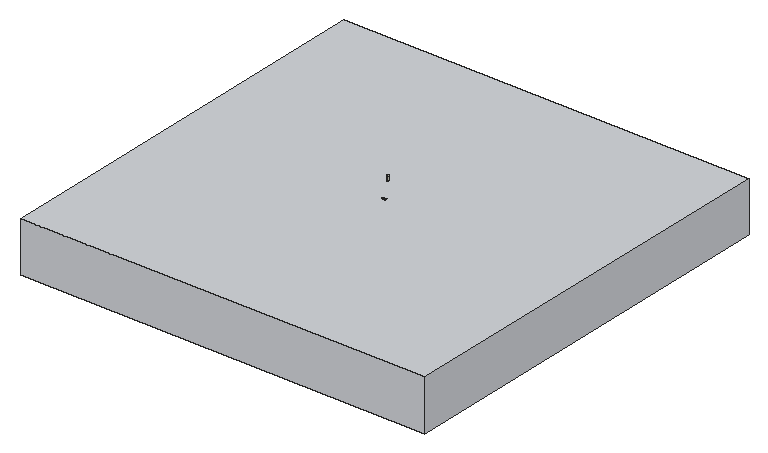
Revit family "IS_TonicII_Multiproduct_BIM_DE_A6328;A6329", category Plumbing Fixtures, host Face, Revit 2015
Parameters (values of type "A6328AA -")
  a6328aa = yes
  WorkingPressure = "1-5 Bar"
  WarrantyStartDate = "1900-12-31T23:59:59"
  WarrantyGuarantorParts = "n/a"
  WarrantyGuarantorLabor = "n/a"
  WarrantyDurationUnit = "n/a"
  WarrantyDurationParts = "n/a"
  WarrantyDurationLabor = "n/a"
  WarrantyDescription = "n/a"
  VolumeUnits = "Litres"
  Version = "1"
  Uniclass2015Version = "Products v1.1"
  Uniclass2015Title = "Water supply fittings for wash basins and troughs"
  Uniclass2015Code = "Pr_40_20_87_98"
  URL = "www.idealstandard.com"
  TestPressure = "10 Bar"
  TagNumber = "n/a"
  SustainabilityPerformance = "n/a"
  SpareParts = "www.idealstandard.de/ersatzteile"
  Space = "Internal"
  Size = "291 x 212 x 51 mm"
  Shape = "Sculptured"
  SerialNumber = "n/a"
  Revision = "n/a"
  ReplacementCost = "n/a"
  ProductInformation = "www.idealstandard.de/produkte"
  Phone = "+49228 5210"
  NominalWidth = 51 mm
  NominalLength = 211.508 mm
  NominalHeight = 290.569 mm
  NominalDepth = 211.508 mm
  NettWeight = "2.38 Kg"
  Name = "WashBasinTaps_TonicII_A6328_IdealStandard"
  NBSTypeID = "n/a"
  NBSReference = "45-35-70/371"
  NBSOfficeMasterTag = "n/a"
  NBSNote = "n/a"
  NBSDescription = "Water supply fitting for wash basins and troughs"
  NBSCertification = "n/a"
  ModelReference = "Tonic ii single lever one hole tall basin mixer with pop-up waste"
  ModelNumber = "A6328AA"
  Model = "A6328AA"
  ManufacturerURL = "www.idealstandard.com"
  Manufacturer = "idealstandard.de@idealstandard.com"
  LinearUnits = "millimeters"
  InstallationInstructions = "www.idealstandard.de\\produkte"
  InstallationDate = "1900-12-31T23:59:59"
  IfcExportType = "FAUCET"
  IfcExportAs = "IfcValveType"
  Help = "idealstandard.de@idealstandard.com"
  GrossWeight = "n/a"
  Grade = "n/a"
  Finish = "Chrome"
  Features = "TONIC II tall single lever one hole basin mixer with pop-up waste"
  FaucetType = "Other"
  FaucetTopDescription = "Lever"
  FaucetOperation = "Other"
  FaucetFunction = "MIXED"
  ExpectedLife = "25"
  DurationUnit = "year"
  DistributedBy = "n/a"
  Description = "A6328AA TONIC II tall single lever one hole basin mixer with pop-up waste"
  Default Elevation = 1219.2 mm
  CurrencyUnit = "n/a"
  Constituents = "n/a"
  ConnectionType = "Plumbing"
  Brand = "Ideal Standard"
  BarCode = "4015413334952"
  BIMObjectName = "ISI_IdealStandard_WashBasinTaps_TonicII_A6328"
  Author = "Ideal Standard GmbH"
  AssetType = "Fixed"
  AssetIdentifier [instance] = "n/a"
  Assembly Code = "C1030200"
  AreaUnits = "millimeters"
  AreaMeasurement = "n/a"
  AccessibilityPerformance = "n/a"
Types (2, lengths in mm): name | Name | BIMObjectName
  A6328AA - | "WashBasinTaps_TonicII_A6328_IdealStandard" | "ISI_IdealStandard_WashBasinTaps_TonicII_A6328"
  A6329AA - | "WashBasinTaps_TonicII_A6329_IdealStandard" | "ISI_IdealStandard_WashBasinTaps_TonicII_A6329"
Reference planes
  plane 1 "Center (Front/Back)": y = 0
  plane 2: z = 0
  plane 3 "Center (Left/Right)": x = 0
  plane 4: y = 24
  plane 5: z = 87.5
  plane 6: z = 112.5
  plane 7: y = -179.508
  plane 8: z = 290.569
  plane 9: x = 6.5
Forms (mm)
  Extrusion 1, solid
    sketch origin (0, 0, 0) x (1, 0, 0) y (0, 1, 0)
      loop
        line (-1219.2, 1219.2) -> (-1219.2, -1219.2) -> (1219.2, -1219.2) -> (1219.2, 1219.2) -> (-1219.2, 1219.2)
    from 0 to -304.8
  Extrusion 2, solid, material "ISI_IdealStandard_Brassware_Chrome3_Render", visible <- "a6328aa", detail levels medium+fine
    sketch origin (0, 24, 5) x (0, 0, -1) y (-1, 0, 0)
      loop
        arc (-107.5, 4) -> (-111.5, 0) -> (-107.5, -4) r 4
        line (-107.5, -4) -> (-82.5, -4)
        arc (-82.5, -4) -> (-78.5, 0) -> (-82.5, 4) r 4
        line (-82.5, 4) -> (-107.5, 4)
    from 0 to 8
  Extrusion 3, solid, detail levels medium+fine
    sketch origin (0, 0, 0) x (1, 0, 0) y (0, 1, 0)
      loop
        circle (6.5, 0) r 5
      loop
        circle (-6.5, 0) r 5
    from 0 to -100
Dimensions and locks
  "NominalWidth": nested 1 to nested 1
  plane 7 to nested 1 = 205.096 mm
  "NominalLength": Extrusion 2 to plane 7
  "NominalHeight": plane 8 to Extrusion 1
  aligned and locked: plane 2 to Extrusion 1
  aligned and locked: level to Extrusion 1
  aligned and locked: plane 3 "Center (Left/Right)" to nested 1
  aligned and locked: plane 1 "Center (Front/Back)" to nested 1
  aligned and locked: plane 1 "Center (Front/Back)" to nested 2
  aligned and locked: plane 3 "Center (Left/Right)" to nested 2
Automatic sketch dimensions
  Extrusion 1 sketch curve to Extrusion 1 sketch curve = 2438.4 mm  (x2)
  Extrusion 2 sketch curve to plane 3 "Center (Left/Right)" = 0 mm
  Extrusion 2 sketch curve to plane 6 = 0 mm
  Extrusion 2 sketch curve to plane 5 = 0 mm
  Extrusion 2 sketch curve to plane 9 = 2.5 mm
  plane 1 "Center (Front/Back)" to Extrusion 3 sketch curve = 0 mm  (x2)
  Extrusion 3 sketch curve to plane 9 = 0 mm
  Extrusion 3 sketch curve to plane 3 "Center (Left/Right)" = 6.5 mm
  radius of Extrusion 3 sketch curve = 5 mm  (x2)
Nested families
  nested 1: "a6329aa_bim" at (0, 0, 0), type "a6329aa_bim", detail levels medium+fine
  nested 2: "IS_TonicII_Multiproduct_BIM_GB;A6328;A6329-FloorPlan-Ref-Level" at (0, 0, 0), type "IS_TonicII_Multiproduct_BIM_GB;A6328;A6329-FloorPlan-Ref-Level"
Connectors
  piping at (6.5, 0, -100), diameter 15
    settings: on Extrusion 3, index 1, connector inside diameter 0.59055", connector length 0 mm, flow factor 0, pipe flow 0 GPM, pressure drop 0.00 psi, fitting loss kfactor 0, connector angle 0.00°, fixture units 0, engagement length 0 mm, angle of deflection 0.00°, flow configuration 2, flow direction 1, fitting loss method 0, system type 20, joint type 0, gender type 0, connector reference index -1, connector utility 0, adjustable connector no, is connector primary yes, connector description ""
  piping at (-6.5, 0, -100), diameter 15
    settings: on Extrusion 3, index 2, connector inside diameter 0.59055", connector length 0 mm, flow factor 0, pipe flow 0 GPM, pressure drop 0.00 psi, fitting loss kfactor 0, connector angle 0.00°, fixture units 0, engagement length 0 mm, angle of deflection 0.00°, flow configuration 2, flow direction 1, fitting loss method 0, system type 19, joint type 0, gender type 0, connector reference index -1, connector utility 0, adjustable connector no, is connector primary no, connector description ""
Definition of nested family "a6329aa_bim"
  Parameters
    URL = ""
    Type Comments = ""
    Model = ""
    Manufacturer = ""
    Description = ""
    Cost = 0
  Reference planes
    plane 1: y = 0
    plane 2: z = 0
    plane 3: x = 0
Definition of nested family "IS_TonicII_Multiproduct_BIM_GB;A6328;A6329-FloorPlan-Ref-Level"
  Reference planes
    plane 1 "Center (Front/Back)": y = 0
    plane 2: z = 0
    plane 3 "Center (Left/Right)": x = 0
  Dimensions and locks
    aligned and locked: import instance to plane 3 "Center (Left/Right)"
    aligned and locked: plane 1 "Center (Front/Back)" to import instance
